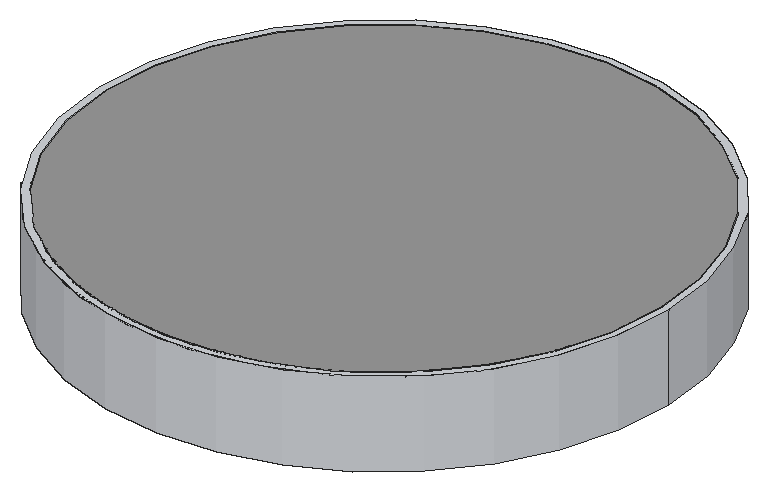
Revit family "2071157", category Lighting Fixtures, host Face, Revit 2018
Family settings
  Host = Face
  Round Connector Dimension = Use Diameter
  Part Type = Normal
  OmniClass Number = 23.80.70.00
  OmniClass Title = Lighting
  Cut with Voids When Loaded = No
  Light Source = Yes
  Shared = No
  Room Calculation Point = No
Parameters (values of type "2071157 COLOSSAL 400 940 PR DIR+H WHT EM")
  iner diameter = 390 mm
  Weight = "n/a"
  Wattage Comments = ""
  Wattage = 30 W
  WarrantyStartDate [instance] = "n/a"
  WarrantyGuarantorParts = "n/a"
  WarrantyDurationUnit = "n/a"
  WarrantyDurationParts = ""
  WarrantyDescription = "http://www.sylvania-lighting.com"
  built-in parameter 1150110 = 1 (stored number, unit not read)
  Voltage = 230 V
  URL = "0.93"
  TypeName = "COLOSSAL 400mm 940 PRISM DIR+HAL WHITE EM"
  Type Image = <None>
  Type Comments = "n/a"
  built-in parameter 1114217 = 1 (stored number, unit not read)
  Tilt Angle = -90.00°
  built-in parameter 1150109 = 1 (stored number, unit not read)
  built-in parameter 1150134 = (empty or 0)
  built-in parameter 1150113 = 1 (stored number, unit not read)
  SerialNumber [instance] = "n/a"
  Photometric Web File = "2071157.ies"
  Material_3_SYL = LED-Sylvania
  PowerFactor = 0
  PowerConsumption = "Lighting"
  NominalLength = 400 mm
  NominalHeight = 93 mm
  NominalDepth = 400 mm
  Name = "COLOSSAL 400mm 940 PRISM DIR+HAL WHITE EM"
  ModelReference = Name  # "COLOSSAL 400mm 940 PRISM DIR+HAL WHITE EM"
  ModelNumber = "2071157"
  Model = Name  # "COLOSSAL 400mm 940 PRISM DIR+HAL WHITE EM"
  Material = "Feilo Sylvania"
  ManufacturerName = "105 lm/W"
  Manufacturer = ""
  LuminousEfficacy = ""
  built-in parameter 1150105 = 270.44 (stored number, unit not read)
  Lumens = 3398.4 lm
  LuminaireType = "0"
  built-in parameter 1150115 = 1 (stored number, unit not read)
  LightOutputRatio = "LED"
  built-in parameter 1150137 = (empty or 0)
  built-in parameter 1150139 = (empty or 0)
  LampsType = Lamp  # "n/a"
  LampNominalLuminous = "4000 K"
  LampMacAdamStep = "90"
  LampColourTemperature = "LED"
  LampColourRenderingIndex = "16500"
  built-in parameter 1150112 = 1 (stored number, unit not read)
  built-in parameter 1150114 = 1 (stored number, unit not read)
  Lamp = "n/a"
  Keynote = "n/a"
  InstallationDate [instance] = "n/a"
  InputVoltage = "0"
  InputNominalFrequency = "4000"
  built-in parameter 1150132 = (empty or 0)
  built-in parameter 1150102 = (empty or 0)
  built-in parameter 1150107 = 3000 (stored number, unit not read)
  built-in parameter 1150138 = (empty or 0)
  IngressProtection = "IfcLightFixtureType"
  ImpactProtectionIndex = "IfcLightFixtureType"
  built-in parameter 1150106 = 2.7044 (stored number, unit not read)
  IfcExportType = "IfcLightFixtureType"
  IfcExportAs = "Class I"
  Emit from Circle Diameter = 385 mm
  Emit Shape Visible in Rendering = no
  ElectricShockClassification = "105"
  built-in parameter 1150104 = 10.524 (stored number, unit not read)
  DocumentationLiterature = "http://www.sylvania-lighting.com/product/en-int/products/2071157"
  DimmingControlOptions = "n/a"
  Material_2_SYL = Polycarbonate_Sylvania_White
  Dimming Lamp Color Temperature Shift = <None>
  Description = "400mm diameter circular architectural luminaire, can be surface mounted or suspended. Powder coated aluminium housing (RAL9016) with PMMA prismatic diffuser. Direct/indirect (halo) light distribution, 1715lm luminuous flux, 16.4W system power, 105lm/W luminiaire efficacy. Constant current driver. 3 hours integrated emergency. Colour rendering index Ra >90, 4000K Neutral White LED, chromaticity tolerance of 3-step MacAdam ellipse. IP40, IK03. 350mA drive current. UGR≤19. Electrical protection Class1, 220-240V. Reported lifetime 66k hours L90B10."
  Default Elevation = 1219.2 mm
  CreatedOn = "22/03/2022"
  CreatedBy = "@sylvania-lighting.com"
  Cost = 0
  Color Filter = 16777215
  built-in parameter 1114216 [instance] = (empty or 0)
  ClassificationValue = "EF_70_80"
  ClassificationName = "Uniclass2015"
  Material_1_SYL = Polycarbonate_Sylvania_Opal
  BarCode [instance] = "n/a"
  built-in parameter 1114218 = 1 (stored number, unit not read)
  built-in parameter 1150133 = 10 (stored number, unit not read)
  AssetType = "Fixed"
  AssetIdentifier [instance] = "n/a"
  Assembly Code = "D5020200"
  Apparent Load = 16.4 VA
  Material_4_SYL = none
Reference planes
  plane 1 "Center (Front/Back)": y = 0
  plane 2: z = 0
  plane 3 "Center (Left/Right)": x = 0
  plane 4: x = -200
  plane 5: x = 200
  plane 6: y = 200
  plane 7: y = -200
  plane 8: y = 236
  plane 9: y = -236
  plane 10: z = 93
  plane 11: y = 195
  plane 12: y = -195
  plane 13: y = 90.5
  plane 14: y = 144.5
  plane 15: through (52.25, 90.5, 1219.2) normal (0.866, 0.5, 0)
  plane 16: through (52.25, 90.5, 1219.2) normal (0.866, 0.5, 0)
  plane 17: through (63.706, 126.657, 1219.2) normal (0.866, 0.5, 0)
  plane 18: through (-104.5, 0, 1219.2) normal (-0.866, 0.5, 0)
  plane 19: through (-142.394, -9.633, 1219.2) normal (-0.866, 0.5, 0)
  plane 20: y = -90.5
  plane 21: y = -118.5
  plane 22: through (85.371, -141.133, 1219.2) normal (-0.866, 0.5, 0)
  plane 23: through (52.25, -90.5, 1219.2) normal (-0.866, 0.5, 0)
  plane 24: through (-161.658, 0, 1219.2) normal (0.866, 0.5, 0)
  plane 25: through (-172.12, 9.121, 1219.2) normal (0.866, 0.5, 0)
  plane 26: through (-104.5, 0, 1219.2) normal (0.866, 0.5, 0)
Forms (mm)
  Extrusion 1, solid, detail levels medium+fine
    sketch origin (0, 0, 0) x (1, 0, 0) y (0, 1, 0)
      loop
        circle (0, 0) r 200
    from 33.023 to 93
  Extrusion 2, void
    sketch origin (0, 0, 0) x (1, 0, 0) y (0, 1, 0)
      loop
        circle (0, 0) r 195
    from 93 to 37.292
  Extrusion 3, solid, material "Glass, White, High Luminance", detail levels fine
    sketch origin (0, 0, 0) x (1, 0, 0) y (0, 1, 0)
      loop
        circle (0, 0) r 195
    from 88.026 to 93
  Extrusion 4, solid, detail levels coarse
    sketch origin (0, 0, 0) x (1, 0, 0) y (0, 1, 0)
      loop
        line (-200, 200) -> (-200, -200) -> (200, -200) -> (200, 200) -> (-200, 200)
    from 0 to 93
  Blend 5, solid, detail levels medium+fine
    base sketch origin (0, 0, 0) x (1, 0, 0) y (0, 1, 0)
      loop
        line (-52.25, 90.5) -> (-104.5, 0) -> (-52.25, -90.5) -> (52.25, -90.5) -> (104.5, 0) -> (52.25, 90.5) -> (-52.25, 90.5)
    top sketch origin (0, 0, 0) x (1, 0, 0) y (0, 1, 0)
      loop
        line (-53.405, 144.5) -> (-149.245, -21.5) -> (-93.242, -118.5) -> (98.438, -118.5) -> (151.843, -26) -> (53.405, 144.5) -> (-53.405, 144.5)
    from 0 to 33.023
Cuts and joins
  Extrusion 2 cuts Extrusion 1
Dimensions and locks
  "NominalDepth": plane 6 to plane 7
  "NominalLength": plane 4 to plane 5
  equal spacing: plane 4, plane 3 "Center (Left/Right)", plane 5
  "iner diameter": plane 11 to plane 12
  equal spacing: plane 11, plane 1 "Center (Front/Back)", plane 12
  equal spacing: plane 6, plane 1 "Center (Front/Back)", plane 7
  "NominalHeight": plane 10 to level
  plane 19 to plane 18 = 28 mm
  radius of Extrusion 2 sketch curve = 195 mm
  aligned and locked: plane 2 to host face
  aligned and locked: level to host face
Automatic sketch dimensions
  host sketch curve to host sketch curve = 2438.4 mm  (x2)
  plane 1 "Center (Front/Back)" to Extrusion 1 sketch curve = 0 mm
  Extrusion 1 sketch curve to plane 3 "Center (Left/Right)" = 0 mm
  plane 1 "Center (Front/Back)" to Extrusion 2 sketch curve = 0 mm
  Extrusion 2 sketch curve to plane 3 "Center (Left/Right)" = 0 mm
  plane 1 "Center (Front/Back)" to Extrusion 3 sketch curve = 0 mm
  Extrusion 3 sketch curve to plane 3 "Center (Left/Right)" = 0 mm
  Extrusion 4 sketch curve to plane 4 = 0 mm
  Extrusion 4 sketch curve to plane 5 = 0 mm
  Extrusion 4 sketch curve to plane 7 = 0 mm
  Extrusion 4 sketch curve to plane 6 = 0 mm
  Blend 5 sketch curve to plane 19 = 0 mm  (x2)
  Blend 5 sketch curve to plane 24 = 0 mm  (x2)
  Blend 5 sketch curve to plane 21 = 0 mm
  Blend 5 sketch curve to plane 14 = 0 mm
  Blend 5 sketch curve to plane 17 = 0 mm  (x2)
  Blend 5 sketch curve to plane 22 = 0 mm  (x2)
  radius of Extrusion 1 sketch curve = 200 mm
  radius of Extrusion 3 sketch curve = 195 mm
Connectors
  electrical at (0, 0, 0), driven by "Apparent Load", driven by "PowerFactor", driven by "Voltage"
    settings: index 1, voltage 230 V, apparent load 16.4 VA, apparent load phase1 0 VA, apparent load phase2 0 VA, apparent load phase3 0 VA, power factor 0, load classification "Lighting", number of poles 1, system type 30, power factor state 1, is connector primary yes, connector utility no, sub classification motor no, connector description ""
